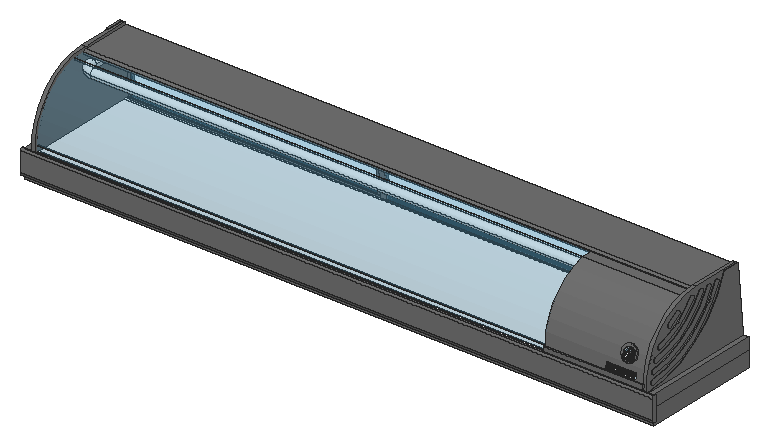
Revit family "QF_HOSHIZAKI_HNC-180BE-R-BLH", category Specialty Equipment, Revit 2016
Family settings
  Part Type = Normal
  Round Connector Dimension = Use Diameter
  OmniClass Number = 23.40.40.14
  OmniClass Title = Food Service Equipment
  Work Plane-Based = No
  Always vertical = Yes
  Cut with Voids When Loaded = No
  Shared = No
  Room Calculation Point = No
Parameters (values of type "HNC-180BE-R-BLH_230V/1Ph/50Hz")
  Weight = 42.00 kg
  Waste Remarks [instance] = ""
  Volts = 230 V
  URL Cutsheet = ""
  URL = "www.hoshizaki-europe.com"
  Status [instance] = ""
  Specification by User [instance] = ""
  Specification by Manufacturer [instance] = ""
  Serial Number = ""
  Seismic Rating = ""
  SMACNA No = ""
  Revision Code [instance] = ""
  Phase = 1
  Number of Poles = 2
  NAFEM Spec ID Number = ""
  Model = "HNC-180BE-R-BLH"
  Min Ckt Ampacity = 0 A
  Max Overcurrent Protection = 0 A
  Masterspec = ""
  Manufacturer = "HOSHIZAKI"
  Length Actual = 1800 mm
  Item Number [instance] = ""
  Installed By [instance] = ""
  Indirect Waste Size = 50.8 mm
  Indirect Waste Connection Type [instance] = ""
  Indirect Waste Connection Height [instance] = 23 mm
  Identify Quantity as Lot [instance] = no
  Height Actual = 270 mm
  HP power = ""
  Furnished By [instance] = ""
  Foodservice Equipment Identifier [instance] = yes
  FL Amps = 0.6 A
  Electric power = 140 W
  Electric Connection Type [instance] = ""
  Elec Conn RI Height [instance] = 0 mm
  Elec Conn Connection Height [instance] = 19 mm
  Direct Waste RI Height [instance] = 0 mm
  Description = "SUSHI CASE WITH LED LIGHTING, RIGHT SIDED - BLACK"
  Depth Actual = 345 mm
  Cycle = 50 Hz
  Cost = 0
  Conn Plug = ""
  Conn Conduit = no
  CSI MasterFormat = ""
  Assembly Code = "E1090320"
  Apparent Power = 140 VA
  Accessory = no
Reference planes
  plane 1 "Center (Front/Back)": y = 0
  plane 2: z = 0
  plane 3 "Center (Left/Right)": x = 0
Forms (mm)
  Extrusion 1, solid, not visible
    sketch origin (1769, -2, 18) x (1, 0, 0) y (0, 1, 0)
      loop
        line (0, 0) -> (2, 0) -> (2, 2) -> (0, 2) -> (0, 0)
    from 0 to 2
  Extrusion 2, solid, not visible
    sketch origin (67, -2, 22) x (1, 0, 0) y (0, 1, 0)
      loop
        line (0, 0) -> (2, 0) -> (2, 2) -> (0, 2) -> (0, 0)
    from 0 to 2
Dimensions and locks
  aligned and locked: level to plane 2
Nested families
  nested 1: "QF_HOSHIZAKI_HNC-180BE-R-BLH_230V_1Ph_50Hz" at (0, 0, 0), type "HNC-180BE-R-BLH_230V/1Ph/50Hz"
    with Status "", Specification by User "", Show Clearance yes, Revision Code "", Number of Poles 1, Item Number "", Installed By "", Identify Quantity as Lot no, Furnished By "", Foodservice Equipment Identifier yes, Electrical Remarks "", Electric Connection Type "", Elec Conn RI Height 0 mm, Elec Conn Connection Height 19 mm, Conn Conduit yes
Connectors
  electrical at (1770, 0, 19), driven by "Apparent Power", driven by "Number of Poles", driven by "Volts"
    settings: on Extrusion 1, index 1, voltage 230 V, apparent load 0 VA, apparent load phase1 140 VA, apparent load phase2 0 VA, apparent load phase3 0 VA, power factor 1, load classification "Other", number of poles 2, system type 31, power factor state 1, is connector primary yes, connector utility no, sub classification motor no, connector description "Electric connection for 'HNC-180BE-R-BLH'"
  piping at (68, 0, 23), diameter 50.8, driven by "Indirect Waste Size"
    settings: on Extrusion 2, index 2, connector inside diameter 609.6 mm, connector length 0 mm, flow factor 0, pipe flow 0.0 L/s, pressure drop 0.0 Pa, fitting loss kfactor 0, connector angle 0.00°, fixture units 0, engagement length 0 mm, angle of deflection 0.00°, flow configuration 1, flow direction 2, fitting loss method 0, system type 16, joint type 0, gender type 0, connector reference index -1, connector utility 0, adjustable connector no, is connector primary yes, connector description "Drain connection for 'HNC-180BE-R-BLH'"
Definition of nested family "QF_HOSHIZAKI_HNC-180BE-R-BLH_230V_1Ph_50Hz"
  Parameters (values of type "HNC-180BE-R-BLH_230V/1Ph/50Hz")
    Weight in Pounds = 92.594
    Electric power = 150 W
    Volts = 230 V
    URL Cutsheet = "www.hoshizaki-europe.com"
    URL = "www.hoshizaki-europe.com"
    Status [instance] = ""
    Specification by User [instance] = ""
    Specification by Manufacturer = ""
    Show Logo = yes
    Show Clearance [instance] = yes
    Serial Number = ""
    Seismic Rating = ""
    SMACNA No = ""
    Revision Code [instance] = ""
    Phase = 1
    Number of Poles [instance] = 1
    NAFEM Spec ID Number = ""
    Model = "HNC-180BE-R-BLH"
    Min Ckt Ampacity = 0 A
    Max Overcurrent Protection = 0 A
    Masterspec = ""
    Manufacturer = "HOSHIZAKI"
    Item Number [instance] = ""
    Installed By [instance] = ""
    Identify Quantity as Lot [instance] = no
    HP power = "0.201153000000"
    Furnished By [instance] = ""
    Foodservice Equipment Identifier [instance] = yes
    FL Amps = 20 A
    Electrical Remarks [instance] = ""
    Electric Connection Type [instance] = ""
    Elec Conn RI Height [instance] = 0 mm
    Elec Conn Connection Height [instance] = 19 mm
    Description = "SUSHI CASE WITH LED LIGHTING, RIGHT SIDED - BLACK"
    Cycle = 50 Hz
    Conn Plug = ""
    Conn Conduit [instance] = yes
    CSI MasterFormat = ""
    Assembly Code = "E1090320"
    Apparent Power = 150 VA
  Reference planes
    plane 1 "Back": y = 0
    plane 2: z = 0
    plane 3 "Left": x = 0
    plane 4 "Right": x = 1800
    plane 5 "Front": y = -345
    plane 6 "Top": z = 270
  Forms (mm)
    Extrusion 1, solid
      sketch origin (1800, 0, 0) x (0, 1, 0) y (0, 0, -1)
        loop
          line (-335, -11.612) -> (-340, -11.612)
          arc (-340, -11.612) -> (-343.536, -13.076) -> (-345, -16.612) r 5
          line (-345, -16.612) -> (-345, -73.923)
          arc (-345, -73.923) -> (-343.536, -77.458) -> (-340, -78.923) r 5
          line (-340, -78.923) -> (-335, -78.923) -> (-335, -11.612)
      from 0 to 1800
    Extrusion 2, solid
      sketch origin (1796, 0, 0) x (0, 1, 0) y (0, 0, -1)
        loop
          line (0, 0) -> (-335, 0) -> (-335, -45.267) -> (0, -45.267) -> (0, 0)
      from 1792 to 0
    Extrusion 3, solid
      sketch origin (20, 0, 0) x (0, 1, 0) y (0, 0, 1)
        loop
          line (-335, 77.311) -> (-335, 45.267) -> (0, 45.267) -> (0, 81.612) -> (-16.482, 270) -> (-62.821, 270)
          arc (-62.821, 270) -> (-168.876, 131.23) -> (-335, 77.311) r 293.422
        loop
          arc (-83.709, 252.219) -> (-87.673, 258.508) -> (-95.039, 257.5) r 6.865
          arc (-95.039, 257.5) -> (-185.592, 150.044) -> (-318.029, 103.066) r 268.422
          arc (-318.029, 103.066) -> (-323.161, 96.407) -> (-317.08, 90.602) r 6.285
          arc (-317.08, 90.602) -> (-178.479, 139.765) -> (-83.709, 252.219) r 280.922
        loop
          arc (-111.859, 251.686) -> (-115.571, 258.059) -> (-122.925, 257.5) r 6.947
          arc (-122.925, 257.5) -> (-202.759, 168.597) -> (-315.28, 128.393) r 243.422
          arc (-315.28, 128.393) -> (-320.31, 121.62) -> (-314.06, 115.953) r 6.28
          arc (-314.06, 115.953) -> (-195.78, 158.227) -> (-111.859, 251.686) r 255.922
        loop
          arc (-140.937, 251.021) -> (-143.81, 258.338) -> (-151.626, 257.5) r 6.48
          arc (-151.626, 257.5) -> (-218.228, 188.332) -> (-308.057, 154.411) r 218.422
          arc (-308.057, 154.411) -> (-312.519, 147.451) -> (-306.269, 142.04) r 6.315
          arc (-306.269, 142.04) -> (-211.328, 177.909) -> (-140.937, 251.021) r 230.922
        loop
          arc (-173, 248.071) -> (-175.054, 255.795) -> (-183.042, 255.516) r 6.411
          arc (-183.042, 255.516) -> (-231.849, 209.297) -> (-293.527, 182.572) r 193.422
          arc (-293.527, 182.572) -> (-298.352, 176.046) -> (-293.13, 169.833) r 6.554
          arc (-293.13, 169.833) -> (-226.037, 198.16) -> (-173, 248.071) r 205.922
        loop
          arc (-225.482, 229.368) -> (-225.701, 237.193) -> (-233.285, 239.134) r 6.501
          arc (-233.285, 239.134) -> (-246.737, 229.431) -> (-261.08, 221.097) r 168.422
          arc (-261.08, 221.097) -> (-262.519, 213.318) -> (-255.34, 209.993) r 6.452
          arc (-255.34, 209.993) -> (-239.933, 218.945) -> (-225.482, 229.368) r 180.922
      from 0 to 5
    Extrusion 4, solid
      sketch origin (25, 0, 0) x (0, 1, 0) y (0, 0, 1)
        loop
          line (-335, 45.267) -> (0, 45.267) -> (0, 81.612) -> (-16.482, 270) -> (-157.482, 270)
          arc (-157.482, 270) -> (-288.48, 212.569) -> (-335, 77.311) r 178.115
          line (-335, 77.311) -> (-335, 45.267)
      from 0 to 10
    Extrusion 5, solid
      sketch origin (1780, 0, 0) x (0, 1, 0) y (0, 0, -1)
        loop
          arc (-335, -77.311) -> (-168.876, -131.23) -> (-62.821, -270) r 293.422
          line (-62.821, -270) -> (-16.482, -270) -> (0, -81.612) -> (0, -45.267) -> (-335, -45.267) -> (-335, -77.311)
        loop
          arc (-83.709, -252.219) -> (-178.479, -139.765) -> (-317.08, -90.602) r 280.922
          arc (-317.08, -90.602) -> (-323.161, -96.407) -> (-318.029, -103.066) r 6.285
          arc (-318.029, -103.066) -> (-185.592, -150.044) -> (-95.039, -257.5) r 268.422
          arc (-95.039, -257.5) -> (-87.673, -258.508) -> (-83.709, -252.219) r 6.865
        loop
          arc (-111.859, -251.686) -> (-195.78, -158.227) -> (-314.06, -115.953) r 255.922
          arc (-314.06, -115.953) -> (-320.31, -121.62) -> (-315.28, -128.393) r 6.28
          arc (-315.28, -128.393) -> (-202.759, -168.597) -> (-122.925, -257.5) r 243.422
          arc (-122.925, -257.5) -> (-115.571, -258.059) -> (-111.859, -251.686) r 6.947
        loop
          arc (-140.937, -251.021) -> (-211.328, -177.909) -> (-306.269, -142.04) r 230.922
          arc (-306.269, -142.04) -> (-312.519, -147.451) -> (-308.057, -154.411) r 6.315
          arc (-308.057, -154.411) -> (-218.228, -188.332) -> (-151.626, -257.5) r 218.422
          arc (-151.626, -257.5) -> (-143.81, -258.338) -> (-140.937, -251.021) r 6.48
        loop
          arc (-173, -248.071) -> (-226.037, -198.16) -> (-293.13, -169.833) r 205.922
          arc (-293.13, -169.833) -> (-298.352, -176.046) -> (-293.527, -182.572) r 6.554
          arc (-293.527, -182.572) -> (-231.849, -209.297) -> (-183.042, -255.516) r 193.422
          arc (-183.042, -255.516) -> (-175.054, -255.795) -> (-173, -248.071) r 6.411
        loop
          arc (-225.482, -229.368) -> (-239.933, -218.945) -> (-255.34, -209.993) r 180.922
          arc (-255.34, -209.993) -> (-262.519, -213.318) -> (-261.08, -221.097) r 6.452
          arc (-261.08, -221.097) -> (-246.737, -229.431) -> (-233.285, -239.134) r 168.422
          arc (-233.285, -239.134) -> (-225.701, -237.193) -> (-225.482, -229.368) r 6.501
      from 0 to 5
    Extrusion 6, solid
      sketch origin (1775, 0, 0) x (0, 1, 0) y (0, 0, -1)
        loop
          line (-335, -45.267) -> (-335, -77.311)
          arc (-335, -77.311) -> (-288.48, -212.569) -> (-157.482, -270) r 178.115
          line (-157.482, -270) -> (-16.482, -270) -> (0, -81.612) -> (0, -45.267) -> (-335, -45.267)
      from 0 to 10
    Extrusion 7, solid
      sketch origin (1800, 0, 0) x (0, 1, 0) y (0, 0, -1)
        loop
          line (-335.005, -77.311) -> (-335.597, -91.885) -> (-330.597, -91.885)
          arc (-330.597, -91.885) -> (-293.716, -198.698) -> (-198.787, -260) r 173.115
          line (-198.787, -260) -> (-15.607, -260) -> (0, -81.612) -> (0, -45.267) -> (-9.983, -45.267) -> (-9.983, -77.311) -> (-335.005, -77.311)
      from 35 to 317
    Extrusion 8, solid
      sketch origin (1800, 0, 0) x (0, 1, 0) y (0, 0, -1)
        loop
          line (-9.983, -45.267) -> (-335, -45.267) -> (-335, -67.293)
          arc (-335, -67.293) -> (-332.066, -74.377) -> (-324.983, -77.311) r 10.017
          line (-324.983, -77.311) -> (-20.035, -77.311)
          arc (-20.035, -77.311) -> (-12.951, -74.377) -> (-9.983, -67.293) r 10.017
          line (-9.983, -67.293) -> (-9.983, -45.267)
      from 35 to 1765
    Extrusion 9, solid
      sketch origin (1800, 0, 0) x (0, 1, 0) y (0, 0, -1)
        loop
          line (-16.044, -265) -> (-15.169, -255) -> (-166.142, -255) -> (-166.142, -260)
          arc (-166.142, -260) -> (-162.482, -263.66) -> (-157.482, -265) r 10
          line (-157.482, -265) -> (-16.044, -265)
      from 35 to 1765
    Extrusion 10, solid
      sketch origin (1800, 0, 0) x (0, 1, 0) y (0, 0, -1)
        loop
          line (-166.142, -260) -> (-166.142, -255) -> (-198.178, -255)
          arc (-198.178, -255) -> (-289.967, -195.377) -> (-325.597, -91.885) r 168.115
          line (-325.597, -91.885) -> (-325.597, -77.395) -> (-330.597, -77.395) -> (-330.597, -91.885)
          arc (-330.597, -91.885) -> (-293.716, -198.698) -> (-198.787, -260) r 173.115
          line (-198.787, -260) -> (-166.142, -260)
      from 317 to 1765
    Sweep 11, solid
      path origin (1201.432, 0, 230) x (-1, 0, 0) y (0, -1, 0)
        loop
          line (1072.551, 50.66) -> (1112.551, 50.66)
          arc (1112.551, 50.66) -> (1140.051, 62.051) -> (1151.442, 89.551) r 38.891
          line (1151.442, 89.551) -> (1151.442, 153.787)
          arc (1151.442, 153.787) -> (1142.122, 176.287) -> (1119.622, 185.607) r 31.82
          line (1119.622, 185.607) -> (-280.378, 185.607)
      profile origin (108.88, -50.66, 230) x (0, -1, 0) y (0, 0, 1)
        loop
          circle (0, 0) r 12.5
    Extrusion 12, solid
      sketch origin (1800, 0, 0) x (0, 1, 0) y (0, 0, -1)
        loop
          line (0, -45.267) -> (-10, -45.267) -> (-10, -77.311) -> (-5, -77.311) -> (-5, -81.612) -> (-6.743, -101.536) -> (-1.743, -101.536) -> (0, -81.612) -> (0, -45.267)
      from 317 to 1765
    Extrusion 13, solid
      sketch origin (1200, 0, 0) x (0, 1, 0) y (0, 0, -1)
        loop
          line (-6.743, -101.536) -> (-20.169, -255) -> (-15.169, -255) -> (-1.743, -101.536) -> (-6.743, -101.536)
      from 1150 to 1165
    Extrusion 14, solid
      sketch origin (1483, -10, 0) x (0, 1, 0) y (0, 0, -1)
        loop
          line (-5, -77.311) -> (-9.917, -77.311) -> (-9.917, -80.666) -> (-25.169, -255) -> (-20.169, -255) -> (-5, -81.612) -> (-5, -77.311)
      from 0 to 700
    Extrusion 15, solid
      sketch origin (1800, 0, 0) x (-1, 0, 0) y (0, 0, -1)
        loop
          line (20, -45.267) -> (4, -45.267) -> (4, -78.923) -> (20, -78.923) -> (20, -45.267)
      from 0 to 335
    Extrusion 16, solid
      sketch origin (20, 0, 0) x (-1, 0, 0) y (0, 0, -1)
        loop
          line (16, -45.267) -> (0, -45.267) -> (0, -78.923) -> (16, -78.923) -> (16, -45.267)
      from 0 to 335
    Extrusion 17, solid
      sketch origin (1770, 5, 19) x (-1, 0, 0) y (0, 0, -1)
        loop
          circle (0, 0) r 5
      from 0 to 5
    Extrusion 18, solid
      sketch origin (600, 0, 0) x (0, 1, 0) y (0, 0, -1)
        loop
          line (-5, -77.311) -> (-9.917, -77.311) -> (-9.917, -80.666) -> (-25.169, -255) -> (-20.169, -255) -> (-5, -81.612) -> (-5, -77.311)
      from -150 to 550
    Extrusion 19, solid
      sketch origin (750, 0, 0) x (0, 1, 0) y (0, 0, 1)
        loop
          line (-6.743, 101.536) -> (-2.401, 109.056) -> (-14.603, 248.524) -> (-20.169, 255) -> (-25.169, 255) -> (-9.917, 80.666) -> (-4.917, 80.666) -> (-6.743, 101.536)
      from 16 to 0
    Extrusion 20, solid
      sketch origin (767, -10, 0) x (0, 1, 0) y (0, 0, 1)
        loop
          line (-6.743, 101.536) -> (-2.401, 109.056) -> (-14.603, 248.524) -> (-20.169, 255) -> (-25.169, 255) -> (-9.917, 80.666) -> (-4.917, 80.666) -> (-6.743, 101.536)
      from 16 to 0
    Extrusion 21, solid, visible <- "Show Logo"
      sketch origin (1610.218, -388.417, -502.561) x (1, 0, 0) y (0, 0.087156, 0.996195)
        loop
          line (55.338, 616.136) -> (55.338, 615.183) -> (56.401, 614.569) -> (56.401, 609.537) -> (55.338, 608.924) -> (55.338, 607.971) -> (59.638, 607.971) -> (59.638, 608.924) -> (58.286, 609.537) -> (58.286, 611.434) -> (61.704, 611.434) -> (61.704, 609.537) -> (60.353, 608.924) -> (60.353, 607.971) -> (64.652, 607.971) -> (64.652, 608.924) -> (63.589, 609.537) -> (63.589, 614.569) -> (64.652, 615.183) -> (64.652, 616.136) -> (60.353, 616.136) -> (60.353, 615.183) -> (61.704, 614.569) -> (61.704, 612.924) -> (58.286, 612.924) -> (58.286, 614.569) -> (59.638, 615.183) -> (59.638, 616.136) -> (55.338, 616.136)
        loop
          spline (69.001, 608.002) -> (70.129, 608.14) -> (71.179, 608.547) -> (72.081, 609.193) -> (72.773, 610.035) -> (73.209, 611.016) -> (73.357, 612.069) -> (73.209, 613.121) -> (72.773, 614.102) -> (72.081, 614.944) -> (71.179, 615.591) -> (70.129, 615.997) -> (69.001, 616.136)
          spline (69.001, 616.136) -> (67.874, 615.997) -> (66.824, 615.591) -> (65.922, 614.944) -> (65.229, 614.102) -> (64.794, 613.121) -> (64.646, 612.069) -> (64.794, 611.016) -> (65.229, 610.035) -> (65.922, 609.193) -> (66.824, 608.547) -> (67.874, 608.14) -> (69.001, 608.002)
        loop
          spline (68.927, 609) -> (69.484, 609.105) -> (70.004, 609.411) -> (70.45, 609.899) -> (70.792, 610.534) -> (71.007, 611.274) -> (71.08, 612.069) -> (71.007, 612.863) -> (70.792, 613.603) -> (70.45, 614.239) -> (70.004, 614.726) -> (69.484, 615.033) -> (68.927, 615.137)
          spline (68.927, 615.137) -> (68.37, 615.033) -> (67.851, 614.726) -> (67.405, 614.239) -> (67.063, 613.603) -> (66.847, 612.863) -> (66.774, 612.069) -> (66.847, 611.274) -> (67.063, 610.534) -> (67.405, 609.899) -> (67.851, 609.411) -> (68.37, 609.105) -> (68.927, 609)
        loop
          line (81.179, 616.194) -> (79.474, 615.758)
          arc (79.474, 615.758) -> (77.281, 616.22) -> (75.089, 615.753) r 5.403
          arc (75.089, 615.753) -> (73.886, 613.9) -> (75.089, 612.047) r 2.029
          line (75.089, 612.047) -> (78.971, 610.634)
          arc (78.971, 610.634) -> (79.436, 609.97) -> (78.971, 609.307) r 0.706
          arc (78.971, 609.307) -> (77.855, 609.11) -> (76.74, 609.307) r 3.262
          line (76.74, 609.307) -> (75.274, 610.772) -> (73.787, 610.772) -> (73.787, 608.097) -> (75.666, 608.577)
          arc (75.666, 608.577) -> (78.223, 607.78) -> (80.78, 608.577) r 4.5
          arc (80.78, 608.577) -> (81.48, 610.43) -> (80.78, 612.283) r 2.804
          line (80.78, 612.283) -> (76.487, 613.433)
          arc (76.487, 613.433) -> (75.882, 614.221) -> (76.487, 615.009) r 0.816
          arc (76.487, 615.009) -> (77.614, 615.157) -> (78.742, 615.009) r 4.357
          line (78.742, 615.009) -> (79.927, 613.433) -> (81.179, 613.433) -> (81.179, 616.194)
        loop
          line (82.271, 616.136) -> (82.271, 615.183) -> (83.334, 614.569) -> (83.334, 609.537) -> (82.271, 608.924) -> (82.271, 607.971) -> (86.57, 607.971) -> (86.57, 608.924) -> (85.219, 609.537) -> (85.219, 611.434) -> (88.636, 611.434) -> (88.636, 609.537) -> (87.285, 608.924) -> (87.285, 607.971) -> (91.585, 607.971) -> (91.585, 608.924) -> (90.522, 609.537) -> (90.522, 614.569) -> (91.585, 615.183) -> (91.585, 616.136) -> (87.285, 616.136) -> (87.285, 615.183) -> (88.636, 614.569) -> (88.636, 612.924) -> (85.219, 612.924) -> (85.219, 614.569) -> (86.57, 615.183) -> (86.57, 616.136) -> (82.271, 616.136)
        loop
          line (96.706, 616.136) -> (92.416, 616.136) -> (92.416, 615.183) -> (93.479, 614.569) -> (93.479, 609.537) -> (92.416, 608.924) -> (92.416, 607.971) -> (96.706, 607.971) -> (96.706, 608.924) -> (95.643, 609.537) -> (95.643, 614.569) -> (96.706, 615.183) -> (96.706, 616.136)
        loop
          line (97.667, 616.136) -> (97.667, 612.671) -> (98.907, 612.671) -> (98.907, 614.463) -> (99.558, 615.114) -> (102.547, 615.114) -> (97.667, 609.299) -> (97.667, 607.971) -> (104.908, 607.971) -> (104.908, 611.273) -> (103.649, 611.273) -> (103.649, 609.958) -> (102.708, 609.299) -> (100.239, 609.299) -> (104.908, 614.862) -> (104.908, 616.136) -> (97.667, 616.136)
        loop
          line (105.624, 607.971) -> (109.33, 607.971) -> (109.33, 609.028) -> (107.454, 609.028) -> (108.104, 610.636) -> (111.138, 610.636) -> (111.792, 609.702) -> (111.119, 609.028) -> (110.298, 609.028) -> (110.298, 607.971) -> (114.469, 607.971) -> (114.469, 609.299) -> (110.933, 616.136) -> (109.33, 616.136) -> (106.458, 609.028) -> (105.624, 609.028) -> (105.624, 607.971)
        loop
          line (114.779, 616.136) -> (114.779, 615.083) -> (116.046, 615.083) -> (116.046, 609.299) -> (114.99, 609.299) -> (114.99, 607.971) -> (118.696, 607.971) -> (117.926, 609.461) -> (117.926, 610.349) -> (119.101, 611.525) -> (121.327, 609.299) -> (120.053, 609.299) -> (120.053, 607.971) -> (124.657, 607.971) -> (124.657, 609.299) -> (123.759, 609.299) -> (120.592, 613.016) -> (122.659, 615.083) -> (123.759, 615.083) -> (123.759, 616.136) -> (120.053, 616.136) -> (120.053, 615.083) -> (121.071, 615.083) -> (117.926, 611.937) -> (118.696, 615.083) -> (118.696, 616.136) -> (114.779, 616.136)
        loop
          line (129.485, 616.136) -> (125.196, 616.136) -> (125.196, 615.183) -> (126.259, 614.569) -> (126.259, 609.537) -> (125.196, 608.924) -> (125.196, 607.971) -> (129.485, 607.971) -> (129.485, 608.924) -> (128.422, 609.537) -> (128.422, 614.569) -> (129.485, 615.183) -> (129.485, 616.136)
        loop
          line (109.583, 614.299) -> (108.553, 611.748) -> (110.666, 611.748) -> (109.583, 614.299)
        loop
          line (52.372, 617.338) -> (52.372, 606.471) -> (131.113, 606.471) -> (131.113, 617.338) -> (52.372, 617.338)
        loop
          line (133.113, 619.338) -> (50.372, 619.338) -> (50.372, 604.471) -> (133.113, 604.471) -> (133.113, 619.338)
      from -1 to 1
    Extrusion 22, solid, visible <- "Show Logo"
      sketch origin (1620.218, -389.662, -522.529) x (1, 0, 0) y (0, 0.087156, 0.996195)
        loop
          line (42.372, 637.338) -> (42.372, 626.471) -> (121.113, 626.471) -> (121.113, 637.338) -> (42.372, 637.338)
      from -1 to 1
    Extrusion 23, solid, visible <- "Show Logo"
      sketch origin (2177.375, -1020.769, -1575.047) x (-1, 0, 0) y (0, -0.374607, -0.927184)
        loop
          circle (459.884, -1862.5) r 13.99
      from 0 to 2.5
    Extrusion 24, solid, visible <- "Show Logo"
      sketch origin (2177.375, -1021.232, -1574.859) x (-1, 0, 0) y (0, -0.374607, -0.927184)
        loop
          circle (459.884, -1862.5) r 15
        loop
          arc (446.884, -1862.5) -> (460.705, -1875.474) -> (472.781, -1860.863) r 13
          line (472.781, -1860.863) -> (470.355, -1858.437) -> (469.346, -1862.201) -> (466.355, -1863.928) -> (465.024, -1865.26) -> (463.375, -1865.26) -> (462.04, -1870.241) -> (457.755, -1870.241) -> (459.339, -1867.979) -> (460.402, -1864.014) -> (461.224, -1860.945) -> (462.416, -1856.497) -> (461.216, -1855.297) -> (459.433, -1857.843) -> (455.784, -1851.523) -> (460.361, -1851.523) -> (461.471, -1853.446) -> (469.213, -1853.446)
          arc (469.213, -1853.446) -> (460.394, -1849.51) -> (451.293, -1852.743) r 13
          line (451.293, -1852.743) -> (455.577, -1853.891) -> (453.752, -1856.497) -> (455.349, -1856.497) -> (454.477, -1866.459) -> (452.538, -1866.459) -> (446.884, -1862.5)
        loop
          line (447.853, -1857.467) -> (452.313, -1861.926) -> (450.144, -1853.891)
          arc (450.144, -1853.891) -> (448.878, -1855.602) -> (447.853, -1857.467) r 15.828
        loop
          line (463.583, -1862.877) -> (466.64, -1862.399) -> (464.901, -1861.285) -> (463.583, -1857.664) -> (463.583, -1862.877)
        loop
          line (464.827, -1855.979) -> (468.296, -1856.908) -> (469.573, -1854.916) -> (468.881, -1854.224) -> (467.914, -1855.035) -> (464.827, -1855.979)
        loop
          line (462.609, -1872.307) -> (462.609, -1874.009) -> (464.927, -1873.388) -> (462.609, -1872.307)
        loop
          line (460.361, -1874.662) -> (459.594, -1873.335) -> (460.801, -1872.638) -> (459.186, -1872.205) -> (458.298, -1874.11) -> (460.361, -1874.662)
        loop
          line (459.623, -1846.783) -> (460.706, -1845.701) -> (462.247, -1845.701) -> (461.191, -1844.645) -> (461.503, -1842.874) -> (459.623, -1843.959) -> (457.743, -1842.874) -> (458.055, -1844.645) -> (456.999, -1845.701) -> (458.54, -1845.701) -> (459.623, -1846.783)
        loop
          line (446.86, -1853.7) -> (446.594, -1852.191) -> (447.478, -1850.929) -> (446.007, -1851.188) -> (444.736, -1849.917) -> (444.547, -1852.08) -> (442.579, -1852.997) -> (444.209, -1853.757) -> (444.468, -1855.228) -> (445.352, -1853.965) -> (446.86, -1853.7)
        loop
          line (452.395, -1848.68) -> (452.856, -1847.219) -> (454.223, -1846.508) -> (452.799, -1846.059) -> (452.258, -1844.344) -> (451.091, -1846.175) -> (448.922, -1846.08) -> (450.017, -1847.507) -> (449.568, -1848.931) -> (450.935, -1848.219) -> (452.395, -1848.68)
        loop
          line (472.909, -1853.7) -> (474.417, -1853.965) -> (475.301, -1855.228) -> (475.56, -1853.757) -> (477.19, -1852.997) -> (475.222, -1852.08) -> (475.033, -1849.917) -> (473.761, -1851.188) -> (472.291, -1850.929) -> (473.175, -1852.191) -> (472.909, -1853.7)
        loop
          line (467.374, -1848.68) -> (468.834, -1848.219) -> (470.201, -1848.931) -> (469.752, -1847.507) -> (470.847, -1846.08) -> (468.678, -1846.175) -> (467.511, -1844.344) -> (466.97, -1846.059) -> (465.546, -1846.508) -> (466.913, -1847.219) -> (467.374, -1848.68)
      from 0 to 2.5
    Extrusion 25, solid, visible <- "Show Logo"
      sketch origin (2177.375, -1021.232, -1574.859) x (-1, 0, 0) y (0, -0.374607, -0.927184)
        loop
          line (462.609, -1874.009) -> (462.609, -1872.307) -> (462.085, -1870.241) -> (457.755, -1870.241) -> (459.339, -1867.979) -> (462.416, -1856.497) -> (461.216, -1855.297) -> (459.433, -1857.843) -> (455.808, -1851.565) -> (453.948, -1851.565) -> (455.577, -1853.891) -> (454.477, -1866.459) -> (456.345, -1871.339)
          arc (456.345, -1871.339) -> (456.868, -1874.025) -> (459.213, -1875.435) r 3.366
          arc (459.213, -1875.435) -> (460.198, -1875.496) -> (461.183, -1875.435) r 8.046
          line (461.183, -1875.435) -> (462.609, -1874.009)
        loop
          line (456.854, -1851.523) -> (460.361, -1851.523) -> (460.916, -1852.485) -> (462.702, -1852.485) -> (463.779, -1851.407) -> (460.623, -1851.407) -> (461.563, -1850.468) -> (456.245, -1850.468) -> (456.854, -1851.523)
        loop
          line (460.361, -1874.662) -> (459.594, -1873.335) -> (460.801, -1872.638) -> (459.186, -1872.205) -> (458.298, -1874.11) -> (460.361, -1874.662)
      from 0 to 2.5
    Extrusion 26, solid, visible <- "Show Logo"
      sketch origin (2162.99, -534.192, -370.728) x (-1, 0, 0) y (0, -0.374607, -0.927184)
        loop
          circle (445.5, -563.6) r 22.5
      from 0 to 2
  Lines and regions (mm)
    symbolic lines
      curve 1: line (1800, -335, 0) -> (1800, -345, 0)
      curve 2: line (1800, -345, 0) -> (0, -345, 0)
      curve 3: line (0, -345, 0) -> (0, -335, 0)
      curve 4: line (0, -335, 0) -> (4, -335, 0)
      curve 5: line (4, -335, 0) -> (4, 0, 0)
      curve 6: line (4, 0, 0) -> (1796, 0, 0)
      curve 7: line (1765, 0, 0) -> (1765, 5, 0)
      curve 8: line (1765, 5, 0) -> (1775, 5, 0)
      curve 9: line (1775, 5, 0) -> (1775, 0, 0)
      curve 10: line (1796, 0, 0) -> (1796, -335, 0)
      curve 11: line (1796, -335, 0) -> (1800, -335, 0)
      curve 12: line (1796, -335, 0) -> (4, -335, 0)
      curve 13: line (35, -335, 0) -> (35, 0, 0)
      curve 14: line (1765, -335, 0) -> (1765, 0, 0)
      curve 15: line (1483, 0, 0) -> (1483, -335, 0)
      curve 16: line (35, -166.142, 0) -> (1483, -166.142, 0)
  Dimensions and locks
    aligned and locked: level to plane 2
  Connectors
    electrical at (1770, 5, 19), driven by "Apparent Power", driven by "Volts", driven by "Number of Poles"
      settings: on Extrusion 17, index 3, voltage 230 V, apparent load 0 VA, apparent load phase1 150 VA, apparent load phase2 0 VA, apparent load phase3 0 VA, power factor 1, load classification none, number of poles 1, system type 31, power factor state 1, is connector primary yes, connector utility no, sub classification motor no, connector description "Electrical connection"
